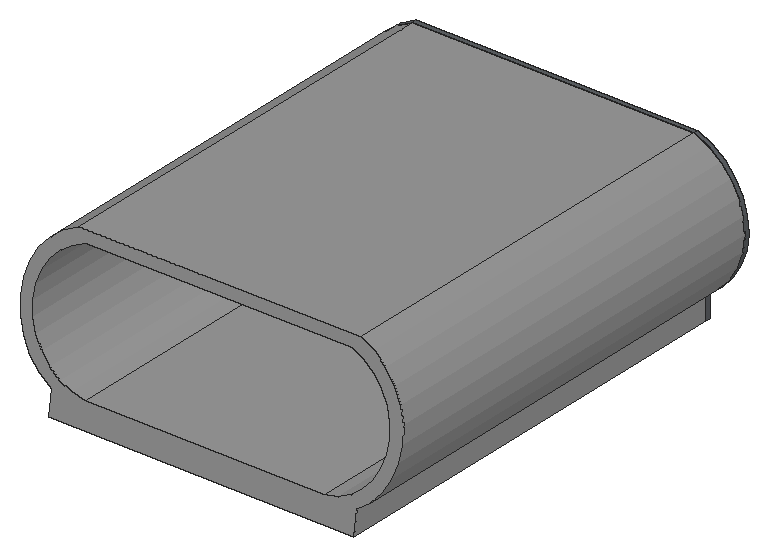
Revit family "KEUCO_14985010000", category Allgemeines Modell, Revit 2016
Family settings
  Teiletyp = Normal
  Kann Basisbauteil für Bewehrung sein = Nein
  Bemaßung runder Anschluss = Durchmesser verwenden
  Arbeitsebenenbasiert = Ja
  Immer vertikal = Nein
  Beim Laden mit Abzugskörper schneiden = Nein
  Gemeinsam genutzt = Nein
  Raumberechnungspunkt = Nein
Parameters (values of type "14985170000")
  Verwendung = "WP"  # constant formula
  URL = "https://www.keuco.com/de/produkte/sortiment/artikel/?pid=14985&oid=1&pgo=27&country=de&lang=de&vid=14985170000"
  Preisgruppe = ""
  Material Oben = Schwarzgrau (RAL 7021)
  Default Elevation = 1219.2 mm
  Serie = "Plan"  # constant formula
  Stange Material = Aluminium silber-eloxiert (E6 EV1)
  Rail Length = 851 mm
  Materialien bei Hersteller anfragen = "Anfrage zu:  objektmanagement@keuco.de"
  Kategorie = "ACC"  # constant formula
  Hersteller = "KEUCO"  # constant formula
  Gewicht = 2.718
  Beschreibung = "--"
  Assembly Code = ""
  Ausschreibungstext = "KEUCO PLAN Papiertuchspender 14985170000\r\nPapiertuchspender aus silber-eloxiertem Aluminium \r\nzur Wandmontage, für gefalzte Papierhandtücher \r\nmit einer Länge zwischen 240 - 254 mm und\r\neiner Breite von 100 - 120 mm\r\nHöhe 372 mm, Breite 320 mm, Ausladung 140 mm\r\nDer Papiertuchhalter wird verdeckt angebracht\r\nLieferung inkl. korrosionsfreiem Befestigungsmaterial"
  Artikelnummer = "14985170000\r\n14985170000"
Types (4, lengths in mm): name | URL | Stange Material | Materialien bei Hersteller anfragen | Ausschreibungstext | Artikelnummer
  (no name) | "https://www.keuco.com" | Aluminium silber-eloxiert (E6 EV1) | "Request to:  objektmanagement@keuco.de" | "" | "14985170000\r\n14985170000"
  14985010000 | "https://www.keuco.com/de/produkte/sortiment/artikel/?pid=14985&oid=1&pgo=27&country=de&lang=de&vid=14985010000" | Verchromt | "Request to:  objektmanagement@keuco.de" | "KEUCO PLAN Papiertuchspender 14985010000\r\nHochglanzverchromter Papiertuchhalter zur Wandmontage \r\nfür gefalzte Papierhandtücher \r\nmit einer Länge zwischen 240 - 254 mm und\r\neiner Breite von 100 - 120 mm\r\nHöhe 372 mm, Breite 320 mm, Ausladung 140 mm\r\nDer Papiertuchhalter wird verdeckt angebracht\r\nLieferung inkl. korrosionsfreiem Befestigungsmaterial" | "14985010000\r\n14985010000"
  14985070000 | "https://www.keuco.com/de/produkte/sortiment/artikel/?pid=14985&oid=1&pgo=27&country=de&lang=de&vid=14985070000" | Edelstahl | "Request to:  objektmanagement@keuco.de" | "KEUCO PLAN Papiertuchspender 14985070000\r\nPapiertuchhalter aus hochwertigem Edelstahl-finish \r\nzur Wandmontage, für gefalzte Papierhandtücher \r\nmit einer Länge zwischen 240 - 254 mm und\r\neiner Breite von 100 - 120 mm\r\nHöhe 372 mm, Breite 320 mm, Ausladung 140 mm\r\nDer Papiertuchhalter wird verdeckt angebracht\r\nLieferung inkl. korrosionsfreiem Befestigungsmaterial" | "14985070000"
  14985170000 | "https://www.keuco.com/de/produkte/sortiment/artikel/?pid=14985&oid=1&pgo=27&country=de&lang=de&vid=14985170000" | Aluminium silber-eloxiert (E6 EV1) | "Anfrage zu:  objektmanagement@keuco.de" | "KEUCO PLAN Papiertuchspender 14985170000\r\nPapiertuchspender aus silber-eloxiertem Aluminium \r\nzur Wandmontage, für gefalzte Papierhandtücher \r\nmit einer Länge zwischen 240 - 254 mm und\r\neiner Breite von 100 - 120 mm\r\nHöhe 372 mm, Breite 320 mm, Ausladung 140 mm\r\nDer Papiertuchhalter wird verdeckt angebracht\r\nLieferung inkl. korrosionsfreiem Befestigungsmaterial" | "14985170000\r\n14985170000"
Reference planes
  plane 1 "Center (Front/Back)": y = 0
  plane 2: z = 0
  plane 3 "Center (Left/Right)": x = 0
  plane 4: z = 140
  plane 5: x = -160
  plane 6: x = 160
  plane 7: y = 379
Forms (mm)
  Extrusion 1, solid, material "Aluminium silber-eloxiert (E6 EV1)" <- "Stange Material"
    sketch origin (-9.422, 492.17, 0) x (-1, 0, 0) y (0, 0, 1)
      loop
        line (110.625, 140) -> (-129.469, 140)
        arc (-129.469, 140) -> (-172.234, 83.175) -> (-139.375, 20.102) r 66.655
        line (-139.375, 20.102) -> (-139.375, 0) -> (120.625, 0) -> (120.625, 20.157)
        arc (120.625, 20.157) -> (153.386, 83.229) -> (110.625, 140) r 66.655
      loop
        line (103.786, 130.475) -> (-122.63, 130.475)
        arc (-122.63, 130.475) -> (-161.148, 71.01) -> (-111.195, 20.765) r 56.434
        line (-111.195, 20.765) -> (92.352, 20.765)
        arc (92.352, 20.765) -> (142.305, 71.01) -> (103.786, 130.475) r 56.434
    from -492.17 to -117.17
  Extrusion 2, solid, material "Schwarzgrau (RAL 7021)" <- "Material Oben"
    sketch origin (-9.422, 379, 0) x (-1, 0, 0) y (0, 0, 1)
      loop
        arc (120.625, 20.157) -> (153.386, 83.229) -> (110.625, 140) r 66.655
        line (110.625, 140) -> (-129.469, 140)
        arc (-129.469, 140) -> (-172.234, 83.175) -> (-139.375, 20.102) r 66.655
        line (-139.375, 20.102) -> (-139.375, 0) -> (120.625, 0) -> (120.625, 20.157)
    from -4 to 0
  Extrusion 3, void
    sketch origin (0, 0, 0) x (0, 1, 0) y (0, 0, 1)
      loop
        line (-10, 140) -> (-10, 0) -> (0, 0) -> (20, 140) -> (-10, 140)
    from -173.081 to 183.216
Cuts and joins
  Extrusion 3 cuts Extrusion 1
Dimensions and locks
  plane 4 to level = 140 mm
  plane 5 to plane 3 "Center (Left/Right)" to plane 6 = 160 mm, 160 mm
  equal spacing: plane 5, plane 3 "Center (Left/Right)", plane 6
  plane 7 to plane 1 "Center (Front/Back)" = 379 mm
  aligned and locked: level to plane 2
  aligned and locked: Extrusion 1 to Extrusion 2
Automatic sketch dimensions
  Extrusion 1 sketch curve to level = 0 mm
  Extrusion 1 sketch curve to plane 4 = 0 mm
  plane 6 to Extrusion 1 sketch curve = 30.047 mm
  plane 6 to Extrusion 1 sketch curve = 39.953 mm
  Extrusion 1 sketch curve to Extrusion 1 sketch curve = 6.839 mm  (x2)
  Extrusion 1 sketch curve to Extrusion 1 sketch curve = 28.18 mm
  Extrusion 1 sketch curve to Extrusion 1 sketch curve = 16.824 mm
  Extrusion 1 sketch curve to Extrusion 1 sketch curve = 0.787 mm  (x2)
  Extrusion 1 sketch curve to plane 5 = 64.403 mm
  level to Extrusion 1 sketch curve = 20.765 mm
  Extrusion 1 sketch curve to Extrusion 1 sketch curve = 6.177 mm
  Extrusion 1 sketch curve to plane 4 = 9.525 mm
  Extrusion 1 sketch curve to plane 5 = 46.792 mm
  Extrusion 1 sketch curve to plane 5 = 29.953 mm
  level to Extrusion 1 sketch curve = 20.102 mm
  Extrusion 1 sketch curve to Extrusion 1 sketch curve = 0.827 mm
  Extrusion 2 sketch curve to level = 0 mm
  Extrusion 2 sketch curve to plane 4 = 0 mm
  plane 6 to Extrusion 2 sketch curve = 30.047 mm
  plane 6 to Extrusion 2 sketch curve = 39.953 mm
  plane 6 to Extrusion 2 sketch curve = 63.616 mm
  Extrusion 2 sketch curve to plane 5 = 63.616 mm
  Extrusion 2 sketch curve to plane 5 = 39.953 mm
  Extrusion 2 sketch curve to plane 5 = 29.953 mm
  Extrusion 2 sketch curve to Extrusion 2 sketch curve = 20.102 mm
  level to Extrusion 2 sketch curve = 20.157 mm
  Extrusion 3 sketch curve to plane 4 = 0 mm
  Extrusion 3 sketch curve to level = 0 mm
  Extrusion 3 sketch curve to plane 1 "Center (Front/Back)" = 0 mm
  plane 1 "Center (Front/Back)" to Extrusion 3 sketch curve = 10 mm
  Extrusion 3 sketch curve to plane 1 "Center (Front/Back)" = 20 mm
